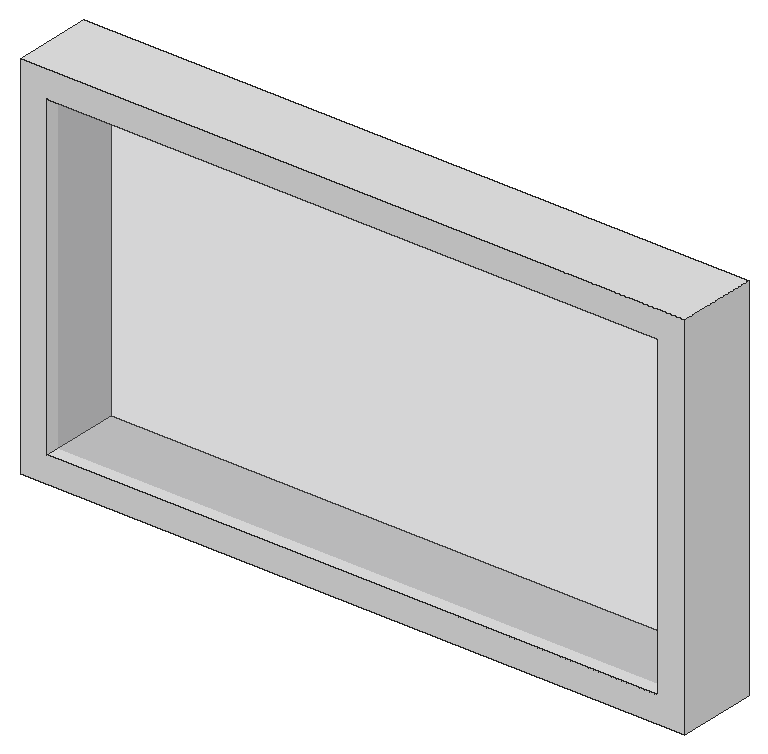
Revit family "Janela_Fachada_1Painel", category Windows, host Wall, Revit 2020
Family settings
  Host = Wall
  OmniClass Number = 23.30.20.00
  OmniClass Title = Windows
  Always vertical = Yes
  Cut with Voids When Loaded = No
  Shared = No
  Room Calculation Point = No
Parameters (values of type "JAN_FAC_1PA")
  Material_Vidro = CT_Vidros
  Material_Esquadria = CT_Aluminio
  Height [instance] = 0.700 m
  Espess_Esquadria = 0.050 m
  Define Thermal Properties by = Schematic Type
  Default Sill Height = 0.800 m
  Wall Closure = By host
  Width [instance] = 1.250 m
  Analytic Construction = "<None>"
Reference planes (m)
  plane 1 "Center (Front/Back)": y = 0
  plane 2 "Center (Left/Right)": x = 0
  plane 3 "Left": x = -0.625
  plane 4 "Right": x = 0.625
  plane 5 "Sill": z = 0.8
  plane 6 "Head": z = 1.5
  plane 7 "Exterior": y = 0.075
  plane 8 "Interior": y = -0.075
Forms (m)
  Extrusion 1, solid, material "CT_Aluminio" <- "Material_Esquadria"
    sketch origin (0, 0.075, 0) x (1, 0, 0) y (0, 0, 1)
      loop
        line (0.625, 1.5) -> (-0.625, 1.5) -> (-0.625, 0.8) -> (0.625, 0.8) -> (0.625, 1.5)
      loop
        line (0.575, 1.45) -> (-0.575, 1.45) -> (-0.575, 0.85) -> (0.575, 0.85) -> (0.575, 1.45)
    from 0 to 0.15
  Extrusion 2, solid, material "CT_Vidros" <- "Material_Vidro"
    sketch origin (0, 0.075, 0) x (1, 0, 0) y (0, 0, 1)
      loop
        line (0.6, 1.475) -> (-0.6, 1.475) -> (-0.6, 0.825) -> (0.6, 0.825) -> (0.6, 1.475)
    from 0.109773 to 0.124766
Lines and regions (m)
  Opening 1
    outline origin (3.5, -0.075, 0) x (1, 0, 0) y (0, 0, 1)
      loop
        line (-2.875, 0.8) -> (-2.875, 1.5) -> (-4.125, 1.5) -> (-4.125, 0.8) -> (-2.875, 0.8)
Text (m)
  text "EXTERIOR" at (-1.963203, 1.332353, 0), in view "Ref. Level"
  text "INTERIOR" at (-1.981466, -0.818386, 0), in view "Ref. Level"
  text "Exterior" at (0, 0.923751, 2.943296), in view "Right"
  text "Exterior" at (0, 1.040484, 2.685409), in view "Left"
Dimensions and locks (m)
  equal spacing: plane 3 "Left", plane 2 "Center (Left/Right)", plane 4 "Right"
  "Width": plane 3 "Left" to plane 4 "Right"
  "Height": plane 5 "Sill" to plane 6 "Head"
  "Default Sill Height": plane 5 "Sill" to level
  locked: plane 7 "Exterior" to host wall
  locked: plane 8 "Interior" to host wall
  "Espess_Esquadria": Extrusion 1 sketch curve to Extrusion 1 sketch curve  (x4)
  plane 5 "Sill" to Extrusion 1 sketch curve = 0.000 m
  locked: Extrusion 1 to Extrusion 2 at 0.025234
  locked: Extrusion 2 to Extrusion 2 at 0.014993
  locked: Extrusion 1 to Extrusion 1 at 0.15
  aligned and locked: Extrusion 1 sketch curve to host wall  (x3)
  aligned and locked: plane 5 "Sill" to Extrusion 1
  aligned and locked: plane 8 "Interior" to Extrusion 1
Automatic sketch dimensions
  Opening 1 sketch curve to plane 3 "Left" = 0.000 m
  Opening 1 sketch curve to plane 4 "Right" = 0.000 m
  Opening 1 sketch curve to plane 5 "Sill" = 0.000 m
  Opening 1 sketch curve to plane 6 "Head" = 0.000 m
  Extrusion 2 sketch curve to plane 3 "Left" = 0.025 m
  plane 4 "Right" to Extrusion 2 sketch curve = 0.025 m
  Extrusion 2 sketch curve to plane 5 "Sill" = 0.025 m
  plane 6 "Head" to Extrusion 2 sketch curve = 0.025 m
